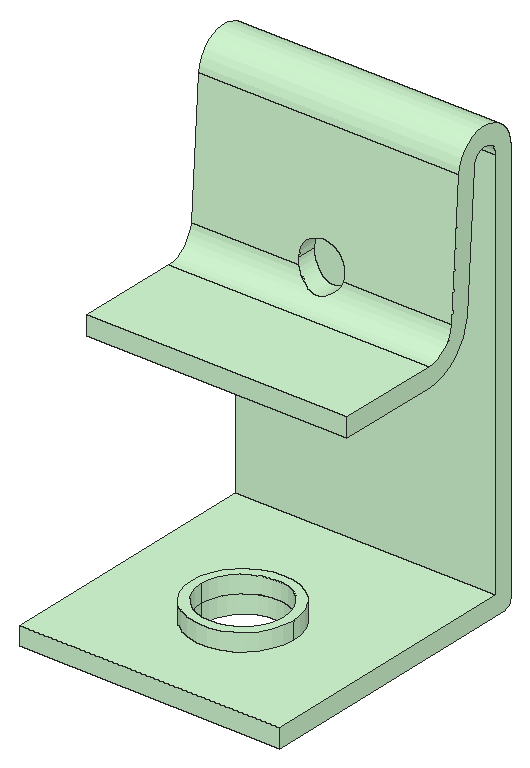
Revit family "LGフック", category 機械設備, Revit 2020
Family settings
  丸型コネクタ寸法 = 直径を使用
  種別 = なし
  パーツ タイプ = 標準
  作業面ベース = いいえ
  常に垂直 = はい
  ロード時にボイドで切り取り = いいえ
  共有 = いいえ
  部屋計算ポイント = いいえ
Parameters
  製造元 = "株式会社桐井製作所"
  既定の高さ = 0 mm
  URL = "https://www.kirii.co.jp/"
  K_許容荷重(N) = 960
  K_品名 = "LGフック"
  K_名称 = "吊元金具"
  K_入数 = "400"
  K_バージョン情報 = "20211012"
Reference planes
  plane 1 "中心(正面/背面)": y = 0
  plane 2: z = 0
  plane 3 "中心(左/右)": x = 0
Forms (mm)
  Extrusion 1, void
    sketch origin (0, -2.792, 0) x (1, 0, 0) y (0, 1, 0)
      loop
        circle (0, -15.76) r 4.5
    from 0 to 2
  Extrusion 2, solid
    sketch origin (0, 0, 0.091) x (0, 1, 0) y (0, 0, 1)
      loop
        line (-10.96, 27.854) -> (-22, 27.854) -> (-22, 25.854) -> (-10.96, 25.854)
        arc (-10.96, 25.854) -> (-7.55, 27.198) -> (-5.972, 30.506) r 5
        line (-5.972, 30.506) -> (-4.996, 44.459)
        arc (-4.996, 44.459) -> (-3.448, 45.853) -> (-2, 44.354) r 1.5
        line (-2, 44.354) -> (-2, 1.909) -> (-31.052, 1.909) -> (-31.052, -0.091) -> (-1.052, -0.091)
        arc (-1.052, -0.091) -> (-0.312, 0.183) -> (0, 0.908) r 1
        line (0, 0.908) -> (0, 44.354)
        arc (0, 44.354) -> (-3.378, 47.852) -> (-6.991, 44.598) r 3.5
        line (-6.991, 44.598) -> (-7.967, 30.645)
        arc (-7.967, 30.645) -> (-8.914, 28.66) -> (-10.96, 27.854) r 3
    from -14 to 14
  Extrusion 3, solid
    sketch origin (0, 3.448, 2) x (1, 0, 0) y (0, 1, 0)
      loop
        circle (0, -22) r 5.5
      loop
        circle (0, -22) r 4.5
    from 0 to 1.854
  Extrusion 4, void
    sketch origin (0, 0, 0) x (1, 0, 0) y (0, 0, 1)
      loop
        circle (0, 31.445) r 2.5
    from 0 to 8.818
Cuts and joins
  Extrusion 1, Extrusion 4 cuts Extrusion 2
  Extrusion 4 cuts Extrusion 3
  joined: Extrusion 2, Extrusion 3
Dimensions and locks
  aligned and locked: level to plane 2
